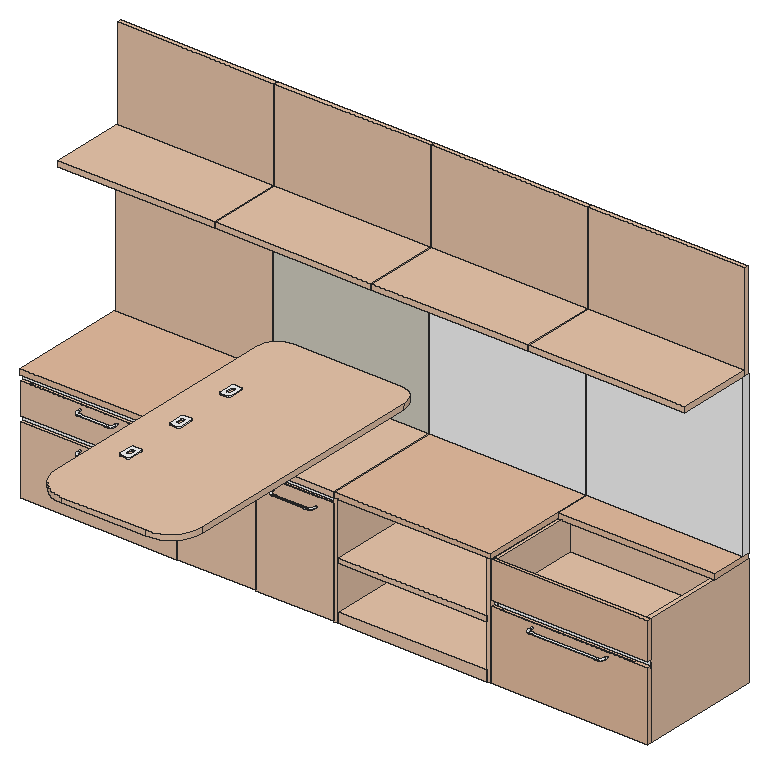
Revit family "OFS TYPICAL T100204", category Furniture, Revit 2022
Family settings
  OmniClass Number = 23.40.20.00
  OmniClass Title = General Furniture and Specialties
  Work Plane-Based = No
  Always vertical = Yes
  Cut with Voids When Loaded = No
  Render Appearance Source = Family Geometry
  Shared = No
  Room Calculation Point = No
Parameters (values of type "T100204")
  URL = "http://ofs.com/"
  Model = "T100204"
  Manufacturer = "OFS"
  Description = "OFS TYPICAL T100204"
  Default Elevation = 0' - 0"
  Copyright © = "©OFS 2024"
  Catalog = ""
  Authoring Version = "Autodesk Revit 2018"
  Assembly Code = "E2020200"
Reference planes (in)
  plane 1 "Center Front/Back": y = 0
  plane 2: z = 0
  plane 3 "Center Left/Right": x = 0
Dimensions and locks (in)
  nested 5 to nested 4 = 10' - 0"
  nested 10 to plane 1 "Center Front/Back" = 5' - 0.24836"
  nested 13 to nested 13 = 2' - 6"
  nested 13 to plane 3 "Center Left/Right" = 2' - 6"
  aligned and locked: level to plane 2
Nested families (in)
  nested 1: "OFS ADLER 30.75H Marker Board Low Height Wall Panel-AL-MB30LWP" at (15, 0, 22.75), type "30.75H Marker Board Low Height Wall Panel-AL-MB30LWP"
    with Width 2' - 6", Wall Panel OFS Materials - Markerboard- White Laminate
  nested 2: "OFS ADLER 23D Modular Low Height Pedestal Box File-AL-T23LBF" at (-45, -1, 0), type "23D Modular Low Height Pedestal Box File"
    with Width 2' - 6", Pull OFS Materials - Metal - Aluminium - Polished Dark, Glides OFS Materials - Rubber, Drawer Front OFS Materials - Hardwood - Cherry, Chassis OFS Materials - Hardwood - Cherry, Accent Rail OFS Materials - Plastic - Gloss White
  nested 3: "OFS ADLER 23D Modular Low Height Pedestal Open Shelving-AL-T23LOS" at (15, -1.75, 0), type "23D Modular Low Height Pedestal Open Shelving"
    with Width 2' - 6", Glides OFS Materials - Rubber, Chassis OFS Materials - Hardwood - Cherry
  nested 4: "OFS ADLER  24D Modular Low Height Power Tray File-AL-T24LPTF" at (45, 0, 0), type "24D Modular Low Height Power Tray File"
    with Width 2' - 6", Top OFS Materials - Hardwood - Birch, Pull OFS Materials - Metal - Aluminium - Polished Dark, Glides OFS Materials - Rubber, Drawer Front Finish OFS Materials - Hardwood - Birch, Chassis OFS Materials - Hardwood - Cherry, Accent Rail OFS Materials - Plastic - Gloss White
  nested 5: "OFS ADLER - 24D Long Grain Rectangle Worksurface - AL-T24LRWS" at (-45, 0, 0), type "24D Long Grain Rectangle Worksurface 30"
    with Top OFS Materials - Hardwood - Birch Long Grain
  nested 6: "OFS ADLER  30.75H Laminate Low Height Wall Panel-AL-T30LWP" at (-45, 0, 22.75), type "30.75H Laminate Low Height Wall Panel"
    with Width 2' - 6", Wall Panel OFS Materials - Hardwood - Cherry
  nested 7: "OFS ADLER 30.75H Upholstered Low Height Wall Panel-AL-U30LWP" at (-15, 0, 22.75), type "30.75H Upholstered Low Height Wall Panel"
    with Width 2' - 6", Wall Panel OFS Materials - Fabric -Lino
  nested 8: "OFS ADLER - 24D Long Grain Rectangle Worksurface - AL-T24LRWS" at (15, 0, 0), type "24D Long Grain Rectangle Worksurface 30"
    with Top OFS Materials - Hardwood - Birch Long Grain
  nested 9: "OFS ADLER - Cantilever Shelf (laminate) - AL-TCS" at (15, 0, 0) x (-1, 0, 0) z (0, 0, 1), type "Cantilever Shelf (laminate) - 30"
    with Chassis OFS Materials - Hardwood - Cherry
  nested 10: "OFS ADLER - 30D Height Adjustable Cantilever Desk - Left" at (-15, 0, 0), type "30D Height Adjustable Cantilever Desk Left 60W"
    with Width 2' - 0", Top Thickness 0' - 1", Top OFS Materials - Hardwood - Cherry, Right Grommet Option yes, Pulls OFS Materials - Metal - Aluminium - Polished Dark, Piston Height 2' - 3 5/16", Piston OFS Materials - Metal - Aluminium - Polished Dark, Left Grommet Option yes, Integrated Pull yes, Grommet OFS Materials - Plastic - Gloss White, Glides OFS Materials - Rubber, Doors OFS Materials - Hardwood - Cherry, Chassis OFS Materials - Hardwood - Cherry, Center Grommet Option yes, All 4 Rounded Cornder yes, Aero Pull Option yes, Accent Rail OFS Materials - Plastic - Gloss White, 2 Outside Rounded Corners no
  nested 11: "OFS ADLER - Cantilever Shelf (laminate) - AL-TCS" at (-15, 0, 0), type "Cantilever Shelf (laminate) - 30"
    with Chassis OFS Materials - Hardwood - Cherry
  nested 12: "OFS ADLER - Cantilever Shelf (laminate) - AL-TCS" at (-45, 0, 0) x (-1, 0, 0) z (0, 0, 1), type "Cantilever Shelf (laminate) - 30"
    with Chassis OFS Materials - Hardwood - Cherry
  nested 13: "OFS ADLER - Cantilever Shelf (laminate) - AL-TCS" at (45, 0, 0), type "Cantilever Shelf (laminate) - 30"
    with Chassis OFS Materials - Hardwood - Cherry
  nested 14: "OFS ADLER 30.75H Marker Board Low Height Wall Panel-AL-MB30LWP" at (45, 0, 22.75) x (-1, 0, 0) z (0, 0, 1), type "30.75H Marker Board Low Height Wall Panel-AL-MB30LWP"
    with Width 2' - 6", Wall Panel OFS Materials - Markerboard- White Laminate
Definition of nested family "OFS ADLER 30.75H Marker Board Low Height Wall Panel-AL-MB30LWP"
  Parameters (values of type "30.75H Marker Board Low Height Wall Panel-AL-MB30LWP")
    Depth = 0' - 1 1/4"
    URL = "http://ofs.com/"
    Model = "AL-MB30LWP\r\nAL-U42DWP"
    Manufacturer = "OFS"
    Wall Panel [instance] = none
    Height = 2' - 6 3/4"
    Description = "OFS ADLER 30.75H Marker Board Low Height Wall Panel"
    Width [instance] = 3' - 0"
    Default Elevation = 0' - 0"
    Copyright © = "©OFS 2025"
    Catalog = ""
    Authoring Version = "Autodesk Revit 2018"
    Assembly Code = "E2020200"
  Reference planes (in)
    plane 1 "Center Front/Back": y = 0
    plane 2: z = 0
    plane 3 "Center Left/Right": x = 0
    plane 4: x = 18
    plane 5: x = -18
    plane 6: y = -1.25
    plane 7: z = 30.75
    plane 8 "1": y = -0.625
    plane 9: z = 13.7503
  Forms (in)
    Extrusion 1, solid, material <- "Wall Panel"
      sketch origin (0, 0, 0) x (1, 0, 0) y (0, 1, 0)
        loop
          line (-18, 0) -> (-18, -1.25) -> (18, -1.25) -> (18, 0) -> (-18, 0)
      from 0 to 30.75
  Dimensions and locks (in)
    equal spacing: plane 5, plane 3 "Center Left/Right", plane 4
    "Width": plane 5 to plane 4
    "Depth": plane 6 to plane 1 "Center Front/Back"
    "Height": plane 7 to level
    equal spacing: plane 1 "Center Front/Back", plane 8 "1", plane 6
    plane 4 to plane 5 = 3' - 0"
    aligned and locked: level to plane 2
    aligned and locked: plane 1 "Center Front/Back" to Extrusion 1 sketch curve
    aligned and locked: plane 5 to Extrusion 1 sketch curve
    aligned and locked: plane 6 to Extrusion 1 sketch curve
    aligned and locked: plane 4 to Extrusion 1 sketch curve
    aligned and locked: Extrusion 1 to plane 2
    aligned and locked: plane 7 to Extrusion 1
Definition of nested family "OFS ADLER 23D Modular Low Height Pedestal Box File-AL-T23LBF"
  Parameters (values of type "23D Modular Low Height Pedestal Box File")
    Top Thickness = 0' - 1"
    Pull [instance] = none
    Drawer Front [instance] = none
    Depth = 1' - 6"
    URL = "http://ofs.com/"
    Piston Hole Width = 0' - 8 1/2"
    Piston Hole Offset From Front = 0' - 2 9/16"
    Piston Hole Depth = 0' - 10 1/2"
    Model = "AL-T23LBF"
    Manufacturer = "OFS"
    Lateral Boards Thickness = 0' - 0 3/4"
    Glides Side Offset = 0' - 1 3/4"
    Glides Front Offset = 0' - 1.19"
    Glides Back Offset = 0' - 1.81086"
    Glides [instance] = none
    Default Elevation = 0' - 0"
    Chassis [instance] = none
    Height = 1' - 10 3/4"
    Frontboard Gap = 0' - 0 3/4"
    Description = "OFS ADLER 23D Modular Low Height Pedestal Box File"
    Width [instance] = 1' - 6"
    Copyright © = "©OFS 2025"
    Catalog = ""
    Bottom Height = 0' - 0 1/2"
    Bottom Board Thickness = 0' - 0.69"
    Accent Rail [instance] = none
    Backboards Height = 1' - 0"
    Backboard-Wall Gap = 0' - 0 1/16"
    Backboard Thickness = 0' - 0 3/4"
    Authoring Version = "Autodesk Revit 2018"
    Assembly Code = "E2020200"
    Accent Rail Thickness = 0' - 0 1/16"
    Accent Rail Height = 0' - 1 1/2"
    Accent Rail Depth = 0' - 1 1/16"
  Reference planes (in)
    plane 1 "Center Front/Back": y = 0
    plane 2: z = 0
    plane 3 "Center Left/Right": x = 0
    plane 4: x = 9
    plane 5: x = -9
    plane 6: y = -23
    plane 7: z = 22.75
    plane 8: z = 0.5
    plane 9: z = 21.75
    plane 10: x = -8.25
    plane 11: x = 8.25
    plane 12 "Center L/S": y = -0.8125
    plane 13 "Center L/T": y = -0.0625
    plane 14: z = 1.19
    plane 15: z = 9.75
    plane 16: z = 13.19
    plane 17: y = -22.25
    plane 18: z = 20.25
    plane 19: y = -21.1875
    plane 20: y = -22.3125
    plane 21: y = -22.1875
    plane 22: z = 20.1875
    plane 23: z = 1.50546
    plane 24: x = 7.25
    plane 25: x = -7.25
    plane 26: y = -1.81086
    plane 27: y = -21.06
    plane 28: y = -4.0625
    plane 29: y = -9.0625
    plane 30: y = -18.0625
    plane 31: y = -23.0625
    plane 32: z = 14.70312
    plane 33: z = 13.20312
    plane 34: z = 13.14062
    plane 35: z = 21
    plane 36: y = -18.25
    plane 37: z = 5.50109
    plane 38: z = 13.7503
    plane 39: z = 12.7188
    plane 40: z = 19.74111
  Forms (in)
    Extrusion 1, solid, material <- "Chassis"
      sketch origin (0, 0, 0) x (1, 0, 0) y (0, 1, 0)
        loop
          line (-8.25, -0.8125) -> (-8.25, -22.25) -> (8.25, -22.25) -> (8.25, -0.8125) -> (-8.25, -0.8125)
      from 0.5 to 1.19
    Extrusion 2, solid, material <- "Chassis"
      sketch origin (0, 0, 0) x (1, 0, 0) y (0, 1, 0)
        loop
          line (-9, 0) -> (-9, -22.25) -> (-8.25, -22.25) -> (-8.25, 0) -> (-9, 0)
      from 0.5 to 21.75
    Extrusion 3, solid, material <- "Chassis"
      sketch origin (0, 0, 0) x (-1, 0, 0) y (0, -1, 0)
        loop
          line (-9, 0) -> (-8.25, 0) -> (-8.25, 22.25) -> (-9, 22.25) -> (-9, 0)
      from 0.5 to 21.75
    Extrusion 4, solid, material <- "Accent Rail"
      sketch origin (0, 0, 0) x (0, 1, 0) y (0, 0, 1)
        loop
          line (-22.18557, 20.1875) -> (-21.25, 20.1875) -> (-21.25, 20.25) -> (-22.18783, 20.25)
          arc (-22.18783, 20.25) -> (-22.23179, 20.26821) -> (-22.25, 20.31217) r 0.06217
          line (-22.25, 20.31217) -> (-22.25, 21.75) -> (-22.3125, 21.75) -> (-22.3125, 20.31443)
          arc (-22.3125, 20.31443) -> (-22.27532, 20.22468) -> (-22.18557, 20.1875) r 0.12693
      from -9 to 9
    Extrusion 5, solid, material <- "Chassis"
      sketch origin (0, 0, 0) x (1, 0, 0) y (0, 1, 0)
        loop
          line (-8.25, -0.0625) -> (-8.25, -0.8125) -> (8.25, -0.8125) -> (8.25, -0.0625) -> (-8.25, -0.0625)
      from 1.19 to 13.19
    Extrusion 6, void
      sketch origin (0, 0, 0) x (1, 0, 0) y (0, 0, 1)
        loop
          line (7.75, 20.1875) -> (9, 20.1875) -> (9, 20.45312)
          arc (9, 20.45312) -> (8.96339, 20.36474) -> (8.875, 20.32812) r 0.125
          line (8.875, 20.32812) -> (7.75, 20.32812) -> (7.75, 20.1875)
        loop
          line (9, 21.75) -> (8.875, 21.75)
          arc (8.875, 21.75) -> (8.96339, 21.71339) -> (9, 21.625) r 0.125
          line (9, 21.625) -> (9, 21.75)
        loop
          line (-7.75, 20.1875) -> (-7.75, 20.32813) -> (-8.875, 20.32813)
          arc (-8.875, 20.32813) -> (-8.96339, 20.36474) -> (-9, 20.45313) r 0.125
          line (-9, 20.45313) -> (-9, 20.1875) -> (-7.75, 20.1875)
        loop
          line (-9, 21.75) -> (-9, 21.625)
          arc (-9, 21.625) -> (-8.96339, 21.71339) -> (-8.875, 21.75) r 0.125
          line (-8.875, 21.75) -> (-9, 21.75)
      from 21.1875 to 23
    Extrusion 7, solid, material <- "Accent Rail"
      sketch origin (0, 0, -7.04688) x (0, 1, 0) y (0, 0, 1)
        loop
          line (-22.18557, 20.1875) -> (-21.25, 20.1875) -> (-21.25, 20.25) -> (-22.18783, 20.25)
          arc (-22.18783, 20.25) -> (-22.23179, 20.26821) -> (-22.25, 20.31217) r 0.06217
          line (-22.25, 20.31217) -> (-22.25, 21.75) -> (-22.3125, 21.75) -> (-22.3125, 20.31443)
          arc (-22.3125, 20.31443) -> (-22.27532, 20.22468) -> (-22.18557, 20.1875) r 0.12693
      from -9 to 9
    Extrusion 8, void
      sketch origin (0, 0, -7.04688) x (1, 0, 0) y (0, 0, 1)
        loop
          line (7.75, 20.1875) -> (9, 20.1875) -> (9, 20.45312)
          arc (9, 20.45312) -> (8.96339, 20.36474) -> (8.875, 20.32812) r 0.125
          line (8.875, 20.32812) -> (7.75, 20.32812) -> (7.75, 20.1875)
        loop
          line (9, 21.75) -> (8.875, 21.75)
          arc (8.875, 21.75) -> (8.96339, 21.71339) -> (9, 21.625) r 0.125
          line (9, 21.625) -> (9, 21.75)
        loop
          line (-7.75, 20.1875) -> (-7.75, 20.32813) -> (-8.875, 20.32813)
          arc (-8.875, 20.32813) -> (-8.96339, 20.36474) -> (-9, 20.45313) r 0.125
          line (-9, 20.45313) -> (-9, 20.1875) -> (-7.75, 20.1875)
        loop
          line (-9, 21.75) -> (-9, 21.625)
          arc (-9, 21.625) -> (-8.96339, 21.71339) -> (-8.875, 21.75) r 0.125
          line (-8.875, 21.75) -> (-9, 21.75)
      from 21.1875 to 24
    Extrusion 9, solid, material <- "Chassis"
      sketch origin (0, 0, 0) x (0, 1, 0) y (0, 0, 1)
        loop
          line (-4.0625, 21.75) -> (-9.0625, 21.75) -> (-9.0625, 21) -> (-4.0625, 21) -> (-4.0625, 21.75)
      from -8.25 to 8.25
    Extrusion 10, solid, material <- "Chassis"
      sketch origin (0, 0, 0) x (0, 1, 0) y (0, 0, 1)
        loop
          line (-18.25, 14.70312) -> (-22.1875, 14.70312) -> (-22.1875, 13.20313) -> (-18.25, 13.20313) -> (-18.25, 14.70312)
      from -8.25 to 8.25
    Extrusion 11, solid, material <- "Chassis"
      sketch origin (0, 0, 0) x (0, 1, 0) y (0, 0, 1)
        loop
          line (-18.25, 21.75) -> (-22.1875, 21.75) -> (-22.1875, 20.25) -> (-18.25, 20.25) -> (-18.25, 21.75)
      from -8.25 to 8.25
    Extrusion 12, solid, material <- "Drawer Front"
      sketch origin (0, 0, 0) x (1, 0, 0) y (0, 0, 1)
        loop
          line (-8.94, 13.71871) -> (-8.94, 0.625) -> (8.94, 0.625) -> (8.94, 13.71871) -> (-8.94, 13.71871)
      from 22.3125 to 23
    Extrusion 13, solid, material <- "Drawer Front"
      sketch origin (0, 0, 0) x (1, 0, 0) y (0, 0, 1)
        loop
          line (-8.94, 20.76554) -> (-8.94, 14.76312) -> (8.94, 14.76312) -> (8.94, 20.76554) -> (-8.94, 20.76554)
      from 22.3125 to 23
  Cuts and joins
    Extrusion 6, Extrusion 8 cuts Extrusion 4
    Extrusion 8 cuts Extrusion 7
  Dimensions and locks (in)
    equal spacing: plane 5, plane 3 "Center Left/Right", plane 4
    "Width": plane 5 to plane 4
    plane 6 to plane 1 "Center Front/Back" = 1' - 11"
    "Height": plane 7 to level
    "Bottom Height": plane 8 to level
    "Top Thickness": plane 7 to plane 9
    "Lateral Boards Thickness": plane 10 to plane 5
    "Lateral Boards Thickness": plane 11 to plane 4
    "Backboard-Wall Gap": plane 1 "Center Front/Back" to plane 13 "Center L/T"
    "Backboard Thickness": plane 13 "Center L/T" to plane 12 "Center L/S"
    "Bottom Board Thickness": plane 14 to plane 8
    "Backboards Height": plane 9 to plane 15
    "Backboards Height": plane 16 to plane 14
    "Frontboard Gap": plane 17 to plane 6
    "Accent Rail Height": plane 9 to plane 18
    "Accent Rail Depth": plane 19 to plane 17
    "Accent Rail Thickness": plane 17 to plane 20
    "Accent Rail Thickness": plane 21 to plane 17
    "Accent Rail Thickness": plane 18 to plane 22
    locked: plane 23 to plane 14 at 0.31546
    "Glides Side Offset": plane 24 to plane 4
    "Glides Side Offset": plane 25 to plane 5
    "Glides Back Offset": plane 26 to plane 1 "Center Front/Back"
    "Glides Front Offset": plane 17 to plane 27
    plane 32 to plane 33 to plane 34 = 0' - 1 1/2" locked, 0' - 0 1/16" locked
    locked: plane 9 to plane 35 at 0.75
    plane 32 to plane 33 = 0' - 1 1/2"
    Extrusion 12 sketch curve to plane 5 = 0' - 0.06"
    Extrusion 12 sketch curve to plane 4 = 0' - 0.06"
    plane 35 to Extrusion 13 sketch curve = 0' - 0.23446"
    Extrusion 13 sketch curve to plane 4 = 0' - 0.06"
    Extrusion 13 sketch curve to plane 5 = 0' - 0.06"
    locked: Extrusion 13 sketch curve to plane 32 at 0.06
    aligned and locked: level to plane 2
    aligned and locked: plane 10 to Extrusion 1 sketch curve
    aligned and locked: plane 11 to Extrusion 1 sketch curve
    aligned and locked: plane 12 "Center L/S" to Extrusion 1 sketch curve
    aligned and locked: plane 17 to Extrusion 1
    aligned and locked: Extrusion 2 sketch curve to plane 17
    aligned and locked: Extrusion 2 sketch curve to plane 10
    aligned and locked: plane 5 to Extrusion 2 sketch curve
    aligned and locked: plane 1 "Center Front/Back" to Extrusion 2 sketch curve
    aligned and locked: Extrusion 2 to plane 8
    aligned and locked: plane 9 to Extrusion 2
    aligned and locked: plane 9 to Extrusion 3
    aligned and locked: plane 11 to Extrusion 3
    aligned and locked: Extrusion 3 to plane 4
    aligned and locked: Extrusion 3 to plane 8
    aligned and locked: Extrusion 3 to plane 1 "Center Front/Back"
    aligned and locked: plane 17 to Extrusion 3
    aligned and locked: plane 18 to Extrusion 4
    aligned and locked: Extrusion 4 to plane 22
    aligned and locked: plane 20 to Extrusion 4
    aligned and locked: Extrusion 4 to plane 17
    aligned and locked: Extrusion 4 to plane 4
    aligned and locked: Extrusion 4 to plane 5
    aligned and locked: plane 13 "Center L/T" to Extrusion 5 sketch curve
    aligned and locked: Extrusion 5 sketch curve to plane 12 "Center L/S"
    aligned and locked: plane 11 to Extrusion 5 sketch curve
    aligned and locked: plane 10 to Extrusion 5 sketch curve
    aligned and locked: Extrusion 5 to plane 14
    aligned and locked: plane 14 to Extrusion 1
    aligned and locked: Extrusion 6 to plane 6
    aligned and locked: Extrusion 6 to plane 19
    aligned and locked: plane 27 to nested 4
    aligned and locked: nested 3 to plane 27
    aligned and locked: nested 4 to plane 24
    aligned and locked: plane 25 to nested 1
    aligned and locked: plane 25 to nested 3
    aligned and locked: plane 32 to cut or joined group of Extrusion 7, Extrusion 8
    aligned and locked: cut or joined group of Extrusion 7, Extrusion 8 to plane 34
    aligned and locked: plane 26 to nested 2
    aligned and locked: nested 2 to plane 24
    aligned and locked: nested 1 to plane 26
    aligned and locked: plane 9 to Extrusion 9 sketch curve
    aligned and locked: plane 28 to Extrusion 9 sketch curve
    aligned and locked: Extrusion 9 sketch curve to plane 35
    aligned and locked: Extrusion 9 sketch curve to plane 29
    aligned and locked: Extrusion 9 to plane 11
    aligned and locked: Extrusion 9 to plane 10
    aligned and locked: plane 32 to Extrusion 10 sketch curve
    aligned and locked: Extrusion 10 sketch curve to plane 36
    aligned and locked: plane 9 to Extrusion 11 sketch curve
    aligned and locked: Extrusion 11 sketch curve to plane 36
    aligned and locked: Extrusion 11 to plane 10
    aligned and locked: Extrusion 11 to plane 11
    aligned and locked: cut or joined group of Extrusion 7, Extrusion 8 to plane 5
    aligned and locked: cut or joined group of Extrusion 7, Extrusion 8 to plane 4
    aligned and locked: plane 19 to Extrusion 8
    aligned and locked: Extrusion 10 to plane 10
    aligned and locked: Extrusion 10 to plane 11
    aligned and locked: Extrusion 12 to plane 6
    aligned and locked: Extrusion 12 to plane 20
    aligned and locked: Extrusion 13 to plane 6
    aligned and locked: Extrusion 13 to plane 20
    aligned and locked: nested 5 to plane 6
    aligned and locked: plane 39 to nested 5
    aligned and locked: plane 40 to nested 6
    aligned and locked: plane 3 "Center Left/Right" to nested 6
    aligned and locked: plane 16 to Extrusion 5
  Automatic sketch dimensions
    plane 17 to Extrusion 1 sketch curve = 0' - 0"
    Extrusion 3 sketch curve to plane 4 = 0' - 0"
    Extrusion 3 sketch curve to plane 11 = 0' - 0"
    plane 17 to Extrusion 3 sketch curve = 0' - 0"
    plane 1 "Center Front/Back" to Extrusion 3 sketch curve = 0' - 0"
    Extrusion 4 sketch curve to plane 20 = 0' - 0"
    Extrusion 4 sketch curve to plane 9 = 0' - 0"
    Extrusion 4 sketch curve to plane 17 = 0' - 0"
    Extrusion 4 sketch curve to plane 18 = 0' - 0"
    Extrusion 4 sketch curve to plane 22 = 0' - 0"
    plane 21 to Extrusion 4 sketch curve = 0' - 0.00033"
    Extrusion 4 sketch curve to plane 21 = 0' - 0.00193"
    plane 19 to Extrusion 4 sketch curve = 0' - 0 1/16"
    Extrusion 6 sketch curve to plane 5 = 0' - 0"  (x4)
    Extrusion 6 sketch curve to plane 9 = 0' - 0"  (x2)
    Extrusion 6 sketch curve to plane 22 = 0' - 0"  (x2)
    plane 4 to Extrusion 6 sketch curve = 0' - 0"  (x4)
    plane 5 to Extrusion 6 sketch curve = 0' - 0 1/8"  (x2)
    plane 10 to Extrusion 6 sketch curve = 0' - 0 1/2"
    plane 11 to Extrusion 6 sketch curve = 0' - 0 1/2"
    Extrusion 6 sketch curve to Extrusion 6 sketch curve = 0' - 0 1/8"
    plane 18 to Extrusion 6 sketch curve = 0' - 0 5/64"  (x2)
    plane 4 to Extrusion 6 sketch curve = 0' - 0 1/8"
    Extrusion 6 sketch curve to Extrusion 6 sketch curve = 0' - 0"  (x4)
    Extrusion 7 sketch curve to plane 20 = 0' - 0"
    Extrusion 7 sketch curve to plane 17 = 0' - 0"
    Extrusion 7 sketch curve to plane 33 = 0' - 0"
    Extrusion 7 sketch curve to plane 34 = 0' - 0"
    Extrusion 7 sketch curve to plane 32 = 0' - 0"
    plane 21 to Extrusion 7 sketch curve = 0' - 0.00033"
    Extrusion 7 sketch curve to plane 21 = 0' - 0.00193"
    plane 19 to Extrusion 7 sketch curve = 0' - 0 1/16"
    Extrusion 8 sketch curve to plane 5 = 0' - 0"  (x4)
    Extrusion 8 sketch curve to plane 32 = 0' - 0"  (x2)
    Extrusion 8 sketch curve to plane 34 = 0' - 0"  (x2)
    plane 4 to Extrusion 8 sketch curve = 0' - 0"  (x4)
    plane 5 to Extrusion 8 sketch curve = 0' - 0 1/8"  (x2)
    plane 10 to Extrusion 8 sketch curve = 0' - 0 1/2"
    plane 11 to Extrusion 8 sketch curve = 0' - 0 1/2"
    Extrusion 8 sketch curve to Extrusion 8 sketch curve = 0' - 0 1/8"
    plane 33 to Extrusion 8 sketch curve = 0' - 0 5/64"  (x2)
    plane 4 to Extrusion 8 sketch curve = 0' - 0 1/8"
    Extrusion 8 sketch curve to Extrusion 8 sketch curve = 0' - 0"  (x4)
    Extrusion 11 sketch curve to plane 21 = 0' - 0"
    Extrusion 11 sketch curve to plane 18 = 0' - 0"
    plane 33 to Extrusion 10 sketch curve = 0' - 0"
    Extrusion 10 sketch curve to plane 21 = 0' - 0"
    plane 8 to Extrusion 12 sketch curve = 0' - 0 1/8"
    Extrusion 12 sketch curve to plane 38 = 0' - 0.03159"
  Nested families (in)
    nested 1: "Glides" at (-7.25, -1.81086, 0), Material <- "Glides", type "Glides"
      with Material none
    nested 2: "Glides" at (7.25, -1.81086, 0) x (-1, 0, 0) z (0, 0, 1), Material <- "Glides", type "Glides"
      with Material none
    nested 3: "Glides" at (-7.25, -21.06, 0), Material <- "Glides", type "Glides"
      with Material none
    nested 4: "Glides" at (7.25, -21.06, 0) x (-1, 0, 0) z (0, 0, 1), Material <- "Glides", type "Glides"
      with Material none
    nested 5: "PULL" at (0, -23, 1.61788), Pull <- "Pull", type "PULL"
      with Pull none, Material none
    nested 6: "PULL" at (0, -23, 8.6402), Pull <- "Pull", type "PULL"
      with Pull none, Material none
  Definition of nested family "Glides"
    Parameters (values of type "Family1")
      Material [instance] = none
      Default Elevation = 0' - 0"
    Reference planes (in)
      plane 1 "Center (Front/Back)": y = 0
      plane 2: z = 0
      plane 3 "Center (Left/Right)": x = 0
    Forms (in)
      Revolve 1, solid, material <- "Material"
        sketch origin (-13.25, 0, 0) x (-1, 0, 0) y (0, 0, -1)
          loop
            line (-13.25, -0.5) -> (-13.25, 0) -> (-13.47776, 0)
            arc (-13.47776, 0) -> (-13.62298, -0.11756) -> (-13.53824, -0.28409) r 0.14848
            line (-13.53824, -0.28409) -> (-13.53824, -0.45) -> (-13.37499, -0.45) -> (-13.37499, -0.5) -> (-13.25, -0.5)
          axis (-13.25, 0) -> (-13.25, -0.5)
        angle from 0 to 360
    Dimensions and locks (in)
      aligned and locked: plane 2 to level
  Definition of nested family "PULL"
    Parameters (values of type "PULL")
      Pull [instance] = none
      Material [instance] = none
      Default Elevation = 0' - 0"
    Reference planes (in)
      plane 1 "Center (Front/Back)": y = 0
      plane 2: z = 0
      plane 3 "Center (Left/Right)": x = 0
      plane 4: x = 3.65921
      plane 5: x = -3.65921
      plane 6: z = 11.10091
    Forms (in)
      Sweep 1, solid, material <- "Pull"
        path origin (0.00246, 35, 11.10091) x (0, 1, 0) y (-1, 0, 0)
          loop
            line (-35, 3.50625) -> (-35.62499, 3.50625)
            arc (-35.62499, 3.50625) -> (-36.15973, 3.28475) -> (-36.38122, 2.75002) r 0.75623
            line (-36.38122, 2.75002) -> (-36.38122, -2.74998)
            arc (-36.38122, -2.74998) -> (-36.15972, -3.28474) -> (-35.62496, -3.50625) r 0.75627
            line (-35.62496, -3.50625) -> (-35, -3.50625)
        profile origin (3.50871, -0.31248, 11.10091) x (-1, 0, 0) y (0, 0, 1)
          loop
            circle (0, 0) r 0.15542
    Dimensions and locks (in)
      equal spacing: plane 5, plane 3 "Center (Left/Right)", plane 4
      plane 5 to plane 4 = 0' - 7.31841"
      aligned and locked: plane 2 to level
      aligned and locked: plane 1 "Center (Front/Back)" to Sweep 1
    Automatic sketch dimensions
      plane 5 to Sweep 1 sketch curve = 0' - 0.91166"
      plane 1 "Center (Front/Back)" to Sweep 1 sketch curve = 0' - 1.38122"
      Sweep 1 sketch curve to Sweep 1 sketch curve = 0' - 0.75623"
      Sweep 1 sketch curve to Sweep 1 sketch curve = 0' - 0.75627"
      Sweep 1 sketch curve to plane 4 = 0' - 0.90676"
      Sweep 1 sketch curve to Sweep 1 sketch curve = 0' - 0 5/8"
      Sweep 1 sketch curve to Sweep 1 sketch curve = 0' - 0.62496"
      Sweep 1 sketch curve to profile plane = 0' - 0"  (x2)
      radius of Sweep 1 sketch curve = 0' - 0.15542"
Definition of nested family "OFS ADLER 23D Modular Low Height Pedestal Open Shelving-AL-T23LOS"
  Parameters (values of type "23D Modular Low Height Pedestal Open Shelving")
    Depth = 1' - 6"
    URL = "http://ofs.com/"
    Piston Hole Width = 0' - 8 1/2"
    Piston Hole Offset From Front = 0' - 2 9/16"
    Piston Hole Depth = 0' - 10 1/2"
    Model = "AL-T23LOS"
    Manufacturer = "OFS"
    Lateral Boards Thickness = 0' - 0 3/4"
    Glides Side Offset = 0' - 1 3/4"
    Glides Front Offset = 0' - 1.19"
    Glides Back Offset = 0' - 1.81086"
    Glides [instance] = none
    Default Elevation = 0' - 0"
    Chassis [instance] = none
    Height = 1' - 10 3/4"
    Frontboard Gap = 0' - 0 3/4"
    Description = "OFS ADLER 23D Modular Low Height Pedestal Open Shelving"
    Width [instance] = 1' - 6"
    Copyright © = "©OFS 2025"
    Catalog = ""
    Bottom Height = 0' - 0 1/2"
    Bottom Board Thickness = 0' - 0.69"
    Backboards Height = 0' - 5"
    Backboard-Wall Gap = 0' - 0 1/16"
    Backboard Thickness = 0' - 0 3/4"
    Authoring Version = "Autodesk Revit 2018"
    Assembly Code = "E2020200"
    Accent Rail Thickness = 0' - 7 23/32"
    Accent Rail Height = 0' - 9 31/32"
    Accent Rail Depth = 0' - 1 1/16"
  Reference planes (in)
    plane 1 "Center Front/Back": y = 0
    plane 2: z = 0
    plane 3 "Center Left/Right": x = 0
    plane 4: x = 9
    plane 5: x = -9
    plane 6: y = -23
    plane 7: z = 22.75
    plane 8: z = 0.5
    plane 9: z = 21.75
    plane 10: x = -8.25
    plane 11: x = 8.25
    plane 12 "Center L/S": y = -0.8125
    plane 13 "Center L/T": y = -0.0625
    plane 14: z = 1.19
    plane 15: y = -22.25
    plane 16: z = 11.78125
    plane 17: y = -21.1875
    plane 18: y = -29.96875
    plane 19: y = -14.53125
    plane 20: z = 19.5
    plane 21: z = 2.4625
    plane 22: x = 7.25
    plane 23: x = -7.25
    plane 24: y = -1.81086
    plane 25: y = -21.06
    plane 26: y = -4.0625
    plane 27: y = -9.0625
    plane 28: y = -18.0625
    plane 29: y = -23.0625
    plane 30: z = 21
    plane 31: y = -18.25
    plane 32: z = 13.7503
    plane 33: y = -2.8125
    plane 34: y = -3.5625
    plane 35: y = -19.25
    plane 36: y = -14.25
    plane 37: z = 10.78125
  Forms (in)
    Extrusion 1, solid, material <- "Chassis"
      sketch origin (0, 0, 0) x (1, 0, 0) y (0, 1, 0)
        loop
          line (-8.25, -0.8125) -> (-8.25, -22.25) -> (8.25, -22.25) -> (8.25, -0.8125) -> (-8.25, -0.8125)
      from 0.5 to 2.4625
    Extrusion 2, solid, material <- "Chassis"
      sketch origin (0, 0, 0) x (1, 0, 0) y (0, 1, 0)
        loop
          line (-9, 0) -> (-9, -22.25) -> (-8.25, -22.25) -> (-8.25, 0) -> (-9, 0)
      from 0.5 to 21.75
    Extrusion 3, solid, material <- "Chassis"
      sketch origin (0, 0, 0) x (-1, 0, 0) y (0, -1, 0)
        loop
          line (-9, 0) -> (-8.25, 0) -> (-8.25, 22.25) -> (-9, 22.25) -> (-9, 0)
      from 0.5 to 21.75
    Extrusion 4, solid, material <- "Chassis"
      sketch origin (0, 0, 0) x (1, 0, 0) y (0, 1, 0)
        loop
          line (-8.25, -0.0625) -> (-8.25, -0.8125) -> (8.25, -0.8125) -> (8.25, -0.0625) -> (-8.25, -0.0625)
      from 0.5 to 13.75
    Extrusion 5, solid, material <- "Chassis"
      sketch origin (0, 0, 0) x (0, 1, 0) y (0, 0, 1)
        loop
          line (-4.0625, 21.75) -> (-9.0625, 21.75) -> (-9.0625, 21) -> (-4.0625, 21) -> (-4.0625, 21.75)
      from -8.25 to 8.25
    Extrusion 6, solid, material <- "Chassis"
      sketch origin (0, 0, 0) x (1, 0, 0) y (0, 1, 0)
        loop
          line (-8.25, -3.5625) -> (8.25, -3.5625) -> (8.25, -2.8125) -> (-8.25, -2.8125) -> (-8.25, -3.5625)
      from 2.4625 to 19.5
    Extrusion 7, solid, material <- "Chassis"
      sketch origin (0, 0, 0) x (1, 0, 0) y (0, 0, 1)
        loop
          line (-8.25, 10.78125) -> (8.25, 10.78125) -> (8.25, 11.78125) -> (-8.25, 11.78125) -> (-8.25, 10.78125)
      from 3.5625 to 22.25
    Extrusion 8, solid, material <- "Chassis"
      sketch origin (0, 0, 0) x (1, 0, 0) y (0, 1, 0)
        loop
          line (-8.25, -14.25) -> (-8.25, -19.25) -> (8.25, -19.25) -> (8.25, -14.25) -> (-8.25, -14.25)
      from 21.75 to 21
  Dimensions and locks (in)
    equal spacing: plane 5, plane 3 "Center Left/Right", plane 4
    "Width": plane 5 to plane 4
    plane 6 to plane 1 "Center Front/Back" = 1' - 11"
    "Height": plane 7 to level
    "Bottom Height": plane 8 to level
    plane 7 to plane 9 = 0' - 1"
    "Lateral Boards Thickness": plane 10 to plane 5
    "Lateral Boards Thickness": plane 11 to plane 4
    "Backboard-Wall Gap": plane 1 "Center Front/Back" to plane 13 "Center L/T"
    "Backboard Thickness": plane 13 "Center L/T" to plane 12 "Center L/S"
    "Frontboard Gap": plane 15 to plane 6
    "Accent Rail Height": plane 9 to plane 16
    "Accent Rail Depth": plane 17 to plane 15
    "Accent Rail Thickness": plane 15 to plane 18
    "Accent Rail Thickness": plane 19 to plane 15
    "Accent Rail Thickness": plane 20 to plane 16
    "Glides Side Offset": plane 22 to plane 4
    "Glides Side Offset": plane 23 to plane 5
    "Glides Back Offset": plane 24 to plane 1 "Center Front/Back"
    "Glides Front Offset": plane 15 to plane 25
    locked: plane 9 to plane 30 at 0.75
    aligned and locked: level to plane 2
    aligned and locked: plane 10 to Extrusion 1 sketch curve
    aligned and locked: plane 11 to Extrusion 1 sketch curve
    aligned and locked: plane 12 "Center L/S" to Extrusion 1 sketch curve
    aligned and locked: plane 15 to Extrusion 1
    aligned and locked: Extrusion 2 sketch curve to plane 15
    aligned and locked: Extrusion 2 sketch curve to plane 10
    aligned and locked: plane 5 to Extrusion 2 sketch curve
    aligned and locked: plane 1 "Center Front/Back" to Extrusion 2 sketch curve
    aligned and locked: Extrusion 2 to plane 8
    aligned and locked: plane 9 to Extrusion 2
    aligned and locked: plane 9 to Extrusion 3
    aligned and locked: plane 11 to Extrusion 3
    aligned and locked: Extrusion 3 to plane 4
    aligned and locked: Extrusion 3 to plane 8
    aligned and locked: Extrusion 3 to plane 1 "Center Front/Back"
    aligned and locked: plane 15 to Extrusion 3
    aligned and locked: plane 13 "Center L/T" to Extrusion 4 sketch curve
    aligned and locked: Extrusion 4 sketch curve to plane 12 "Center L/S"
    aligned and locked: plane 11 to Extrusion 4 sketch curve
    aligned and locked: plane 10 to Extrusion 4 sketch curve
    aligned and locked: plane 25 to nested 4
    aligned and locked: nested 3 to plane 25
    aligned and locked: nested 4 to plane 22
    aligned and locked: plane 23 to nested 1
    aligned and locked: plane 23 to nested 3
    aligned and locked: plane 24 to nested 2
    aligned and locked: nested 2 to plane 22
    aligned and locked: nested 1 to plane 24
    aligned and locked: plane 9 to Extrusion 5 sketch curve
    aligned and locked: plane 26 to Extrusion 5 sketch curve
    aligned and locked: Extrusion 5 sketch curve to plane 30
    aligned and locked: Extrusion 5 sketch curve to plane 27
    aligned and locked: Extrusion 5 to plane 11
    aligned and locked: Extrusion 5 to plane 10
    aligned and locked: plane 21 to Extrusion 1
    aligned and locked: Extrusion 4 to plane 8
    aligned and locked: Extrusion 6 sketch curve to Extrusion 5
    aligned and locked: plane 33 to Extrusion 6 sketch curve
    aligned and locked: Extrusion 6 sketch curve to plane 11
    aligned and locked: Extrusion 6 to Extrusion 1
    aligned and locked: Extrusion 6 sketch curve to plane 34
    aligned and locked: plane 20 to Extrusion 6
    aligned and locked: Extrusion 7 sketch curve to plane 37
    aligned and locked: Extrusion 7 sketch curve to plane 10
    aligned and locked: plane 16 to Extrusion 7 sketch curve
    aligned and locked: Extrusion 7 sketch curve to plane 11
    aligned and locked: Extrusion 7 to Extrusion 1
    aligned and locked: Extrusion 7 to Extrusion 6
    aligned and locked: plane 36 to Extrusion 8 sketch curve
    aligned and locked: Extrusion 8 sketch curve to plane 10
    aligned and locked: Extrusion 8 sketch curve to plane 11
    aligned and locked: plane 35 to Extrusion 8 sketch curve
    aligned and locked: Extrusion 8 to plane 30
    aligned and locked: plane 9 to Extrusion 8
  Automatic sketch dimensions
    plane 15 to Extrusion 1 sketch curve = 0' - 0"
    Extrusion 3 sketch curve to plane 4 = 0' - 0"
    Extrusion 3 sketch curve to plane 11 = 0' - 0"
    plane 15 to Extrusion 3 sketch curve = 0' - 0"
    plane 1 "Center Front/Back" to Extrusion 3 sketch curve = 0' - 0"
  Nested families (in)
    nested 1: "Glides" at (-7.25, -1.81086, 0), Material <- "Glides", type "Glides"
      with Material none
    nested 2: "Glides" at (7.25, -1.81086, 0) x (-1, 0, 0) z (0, 0, 1), Material <- "Glides", type "Glides"
      with Material none
    nested 3: "Glides" at (-7.25, -21.06, 0), Material <- "Glides", type "Glides"
      with Material none
    nested 4: "Glides" at (7.25, -21.06, 0) x (-1, 0, 0) z (0, 0, 1), Material <- "Glides", type "Glides"
      with Material none
  Definition of nested family "Glides"
    Parameters (values of type "Family1")
      Material [instance] = none
      Default Elevation = 0' - 0"
    Reference planes (in)
      plane 1 "Center (Front/Back)": y = 0
      plane 2: z = 0
      plane 3 "Center (Left/Right)": x = 0
    Forms (in)
      Revolve 1, solid, material <- "Material"
        sketch origin (-13.25, 0, 0) x (-1, 0, 0) y (0, 0, -1)
          loop
            line (-13.25, -0.5) -> (-13.25, 0) -> (-13.47776, 0)
            arc (-13.47776, 0) -> (-13.62298, -0.11756) -> (-13.53824, -0.28409) r 0.14848
            line (-13.53824, -0.28409) -> (-13.53824, -0.45) -> (-13.37499, -0.45) -> (-13.37499, -0.5) -> (-13.25, -0.5)
          axis (-13.25, 0) -> (-13.25, -0.5)
        angle from 0 to 360
    Dimensions and locks (in)
      aligned and locked: plane 2 to level
Definition of nested family "OFS ADLER  24D Modular Low Height Power Tray File-AL-T24LPTF"
  Parameters (values of type "24D Modular Low Height Power Tray File")
    Top Thickness = 0' - 1"
    Drawer Front Finish [instance] = none
    Depth = 2' - 0"
    URL = "http://ofs.com/"
    Top [instance] = none
    Piston Hole Width = 0' - 8 1/2"
    Piston Hole Offset From Front = 0' - 2 9/16"
    Piston Hole Depth = 0' - 10 1/2"
    Pull [instance] = none
    Model = "AL-T24LPTF"
    Manufacturer = "OFS"
    Lateral Boards Thickness = 0' - 0 3/4"
    Glides Side Offset = 0' - 1 3/4"
    Glides Front Offset = 0' - 1.19"
    Glides Back Offset = 0' - 1.81086"
    Glides [instance] = none
    Default Elevation = 0' - 0"
    Chassis [instance] = none
    Height = 1' - 10 3/4"
    Frontboard Gap = 0' - 0 3/4"
    Description = "OFS ADLER  24D Modular Low Height Power Tray File"
    Width [instance] = 2' - 0"
    Copyright © = "©OFS 2025"
    Catalog = ""
    Bottom Height = 0' - 0 1/2"
    Bottom Board Thickness = 0' - 0.69"
    Accent Rail [instance] = none
    Backboards Height = 0' - 5"
    Backboard-Wall Gap = 0' - 0 1/16"
    Backboard Thickness = 0' - 0 3/4"
    Authoring Version = "Autodesk Revit 2018"
    Assembly Code = "E2020200"
    Accent Rail Thickness = 0' - 0 1/16"
    Accent Rail Height = 0' - 1 1/2"
    Accent Rail Depth = 0' - 1 1/16"
  Reference planes (in)
    plane 1 "Center Front/Back": y = 0
    plane 2: z = 0
    plane 3 "Center Left/Right": x = 0
    plane 4: x = 12
    plane 5: x = -12
    plane 6: y = -24
    plane 7: z = 23.75
    plane 8: z = 0.5
    plane 9: z = 22.75
    plane 10: x = -11.25
    plane 11: x = 11.25
    plane 12 "Center L/S": y = -0.8125
    plane 13 "Center L/T": y = -0.0625
    plane 14: z = 1.19
    plane 15: z = 17.75
    plane 16: z = 6.19
    plane 17: y = -23.25
    plane 18: y = -22.1875
    plane 19: y = -23.3125
    plane 20: y = -23.1875
    plane 21: z = 1.50546
    plane 22: z = 27.3125
    plane 23: z = 27.06447
    plane 24: x = 10.25
    plane 25: x = -10.25
    plane 26: y = -1.81086
    plane 27: y = -22.06
    plane 28: y = -5.31243
    plane 29: y = -6.06243
    plane 30: y = -19.0625
    plane 31: y = -23.0625
    plane 32: z = 14.70312
    plane 33: z = 13.20312
    plane 34: z = 13.14062
    plane 35: y = -19.25
    plane 36: z = 5.50109
    plane 37: z = 13.7503
    plane 38 "ry": z = 21.75
    plane 39: z = 21.77252
    plane 40 "1": z = 12.7188
    plane 41: y = -8.12493
    plane 42: z = 14.03125
    plane 43: z = 15.46875
    plane 44 "4": x = 7.155
    plane 45 "5": x = -7.155
  Forms (in)
    Extrusion 1, solid, material <- "Chassis"
      sketch origin (0, 0, 0) x (1, 0, 0) y (0, 1, 0)
        loop
          line (-11.25, -0.8125) -> (-11.25, -23.25) -> (11.25, -23.25) -> (11.25, -0.8125) -> (-11.25, -0.8125)
      from 0.5 to 1.19
    Extrusion 2, solid, material <- "Chassis"
      sketch origin (0, 0, 0) x (1, 0, 0) y (0, 1, 0)
        loop
          line (-12, 0) -> (-12, -23.25) -> (-11.25, -23.25) -> (-11.25, 0) -> (-12, 0)
      from 0.5 to 21.75
    Extrusion 3, solid, material <- "Chassis"
      sketch origin (0, 0, 0) x (-1, 0, 0) y (0, -1, 0)
        loop
          line (-12, 0) -> (-11.25, 0) -> (-11.25, 23.25) -> (-12, 23.25) -> (-12, 0)
      from 0.5 to 21.75
    Extrusion 4, solid, material <- "Chassis"
      sketch origin (0, 0, 0) x (1, 0, 0) y (0, 1, 0)
        loop
          line (-11.25, -0.0625) -> (-11.25, -0.8125) -> (11.25, -0.8125) -> (11.25, -0.0625) -> (-11.25, -0.0625)
      from 0.5 to 14.70312
    Extrusion 5, solid, material <- "Chassis"
      sketch origin (-2, 0, 0) x (1, 0, 0) y (0, 1, 0)
        loop
          line (-9.25, -0.0625) -> (-9.25, -0.8125) -> (13.25, -0.8125) -> (13.25, -0.0625) -> (-9.25, -0.0625)
      from 14.70312 to 21.75
    Extrusion 6, solid, material <- "Accent Rail"
      sketch origin (0, 0, -7.04688) x (0, 1, 0) y (0, 0, 1)
        loop
          line (-23.18557, 20.1875) -> (-22.25, 20.1875) -> (-22.25, 20.25) -> (-23.18783, 20.25)
          arc (-23.18783, 20.25) -> (-23.23179, 20.26821) -> (-23.25, 20.31217) r 0.06217
          line (-23.25, 20.31217) -> (-23.25, 21.75) -> (-23.3125, 21.75) -> (-23.3125, 20.31443)
          arc (-23.3125, 20.31443) -> (-23.27532, 20.22468) -> (-23.18557, 20.1875) r 0.12693
      from -12 to 12
    Extrusion 7, void
      sketch origin (0, 0, -7.04688) x (1, 0, 0) y (0, 0, 1)
        loop
          line (10.75, 20.1875) -> (12, 20.1875) -> (12, 20.45312)
          arc (12, 20.45312) -> (11.96339, 20.36474) -> (11.875, 20.32812) r 0.125
          line (11.875, 20.32812) -> (10.75, 20.32812) -> (10.75, 20.1875)
        loop
          line (12, 21.75) -> (11.875, 21.75)
          arc (11.875, 21.75) -> (11.96339, 21.71339) -> (12, 21.625) r 0.125
          line (12, 21.625) -> (12, 21.75)
        loop
          line (-10.75, 20.1875) -> (-10.75, 20.32813) -> (-11.875, 20.32813)
          arc (-11.875, 20.32813) -> (-11.96339, 20.36474) -> (-12, 20.45313) r 0.125
          line (-12, 20.45313) -> (-12, 20.1875) -> (-10.75, 20.1875)
        loop
          line (-12, 21.75) -> (-12, 21.625)
          arc (-12, 21.625) -> (-11.96339, 21.71339) -> (-11.875, 21.75) r 0.125
          line (-11.875, 21.75) -> (-12, 21.75)
      from 22.1875 to 24
    Extrusion 8, solid, material <- "Chassis"
      sketch origin (0, 0, 0) x (0, 1, 0) y (0, 0, 1)
        loop
          line (-19.25, 14.70312) -> (-23.1875, 14.70312) -> (-23.1875, 13.20313) -> (-19.25, 13.20313) -> (-19.25, 14.70312)
      from -11.25 to 11.25
    Extrusion 9, solid, material <- "Chassis"
      sketch origin (0, 0, 0) x (0, 1, 0) y (0, 0, 1)
        loop
          line (-5.31243, 15.46875) -> (-23.1875, 15.46875) -> (-23.1875, 14.03125) -> (-5.31243, 14.03125) -> (-5.31243, 15.46875)
      from -11.25 to 11.25
    Extrusion 10, solid, material <- "Drawer Front Finish"
      sketch origin (0, 0, 0) x (1, 0, 0) y (0, 0, 1)
        loop
          line (-12, 0.5) -> (12, 0.5) -> (12, 13.7503) -> (-12, 13.7503) -> (-12, 0.5)
      from 23.3125 to 24
    Extrusion 11, solid, material <- "Drawer Front Finish"
      sketch origin (0, 0, 0) x (1, 0, 0) y (0, 0, 1)
        loop
          line (-12, 21.75) -> (-12, 14.70312) -> (12, 14.70312) -> (12, 21.75) -> (-12, 21.75)
      from 23.3125 to 24
    Sweep 12, solid, material <- "Pull"
      path origin (0, 0, 12.7188) x (0, 1, 0) y (-1, 0, 0)
        loop
          line (-24, -7.155) -> (-24.62496, -7.155)
          arc (-24.62496, -7.155) -> (-25.15972, -6.9335) -> (-25.38122, -6.39873) r 0.75627
          line (-25.38122, -6.39873) -> (-25.38122, 6.39873)
          arc (-25.38122, 6.39873) -> (-25.15972, 6.9335) -> (-24.62496, 7.155) r 0.75627
          line (-24.62496, 7.155) -> (-24, 7.155)
      profile origin (-7.155, -24.31248, 12.7188) x (-1, 0, 0) y (0, 0, 1)
        loop
          circle (0, 0) r 0.15542
    Extrusion 13, solid, material <- "Top"
      sketch origin (0, 0, 12.7188) x (0, 1, 0) y (-1, 0, 0)
        loop
          line (-8.12493, 12) -> (-8.12493, -12) -> (0, -12) -> (0, 12) -> (-8.12493, 12)
      from 9.0312 to 10.0312
    Extrusion 14, solid, material <- "Chassis"
      sketch origin (0, 0, 12.7188) x (0, 1, 0) y (-1, 0, 0)
        loop
          line (-5.31243, 11.25) -> (-6.06243, 11.25) -> (-6.06243, -11.25) -> (-5.31243, -11.25) -> (-5.31243, 11.25)
      from 1.98433 to 9.0312
  Cuts and joins
    Extrusion 7 cuts Extrusion 6
  Dimensions and locks (in)
    equal spacing: plane 5, plane 3 "Center Left/Right", plane 4
    "Width": plane 5 to plane 4
    "Depth": plane 6 to plane 1 "Center Front/Back"
    "Bottom Height": plane 8 to level
    "Top Thickness": plane 7 to plane 9
    "Lateral Boards Thickness": plane 10 to plane 5
    "Lateral Boards Thickness": plane 11 to plane 4
    "Backboard-Wall Gap": plane 1 "Center Front/Back" to plane 13 "Center L/T"
    "Backboard Thickness": plane 13 "Center L/T" to plane 12 "Center L/S"
    "Bottom Board Thickness": plane 14 to plane 8
    "Backboards Height": plane 9 to plane 15
    "Backboards Height": plane 16 to plane 14
    "Frontboard Gap": plane 17 to plane 6
    "Accent Rail Depth": plane 18 to plane 17
    "Accent Rail Thickness": plane 17 to plane 19
    "Accent Rail Thickness": plane 20 to plane 17
    locked: plane 21 to plane 14 at 0.31546
    locked: plane 22 to plane 23 at 0.24803
    "Glides Side Offset": plane 24 to plane 4
    "Glides Side Offset": plane 25 to plane 5
    "Glides Back Offset": plane 26 to plane 1 "Center Front/Back"
    "Glides Front Offset": plane 17 to plane 27
    plane 32 to plane 33 to plane 34 = 0' - 1 1/2" locked, 0' - 0 1/16" locked
    plane 32 to plane 33 = 0' - 1 1/2"
    "Height": plane 9 to level
    locked: plane 35 to plane 6 at 4.75
    plane 35 to plane 30 = 0' - 0 3/16"
    locked: plane 34 to plane 40 "1" at 0.42183
    "Top Thickness": plane 9 to plane 38 "ry"
    plane 45 "5" to plane 3 "Center Left/Right" to plane 44 "4" = 0' - 7.155", 0' - 7.155"
    aligned and locked: level to plane 2
    aligned and locked: plane 10 to Extrusion 1 sketch curve
    aligned and locked: plane 11 to Extrusion 1 sketch curve
    aligned and locked: plane 12 "Center L/S" to Extrusion 1 sketch curve
    aligned and locked: plane 17 to Extrusion 1
    aligned and locked: Extrusion 2 sketch curve to plane 17
    aligned and locked: Extrusion 2 sketch curve to plane 10
    aligned and locked: plane 5 to Extrusion 2 sketch curve
    aligned and locked: plane 1 "Center Front/Back" to Extrusion 2 sketch curve
    aligned and locked: Extrusion 2 to plane 8
    aligned and locked: plane 11 to Extrusion 3
    aligned and locked: Extrusion 3 to plane 4
    aligned and locked: Extrusion 3 to plane 8
    aligned and locked: Extrusion 3 to plane 1 "Center Front/Back"
    aligned and locked: plane 17 to Extrusion 3
    aligned and locked: plane 13 "Center L/T" to Extrusion 4 sketch curve
    aligned and locked: Extrusion 4 sketch curve to plane 12 "Center L/S"
    aligned and locked: plane 11 to Extrusion 4 sketch curve
    aligned and locked: plane 10 to Extrusion 4 sketch curve
    aligned and locked: Extrusion 5 to plane 11
    aligned and locked: Extrusion 5 to plane 10
    aligned and locked: plane 12 "Center L/S" to Extrusion 5
    aligned and locked: Extrusion 5 to plane 13 "Center L/T"
    aligned and locked: plane 14 to Extrusion 1
    aligned and locked: plane 27 to nested 4
    aligned and locked: nested 3 to plane 27
    aligned and locked: nested 4 to plane 24
    aligned and locked: plane 25 to nested 1
    aligned and locked: plane 25 to nested 3
    aligned and locked: plane 32 to cut or joined group of Extrusion 6, Extrusion 7
    aligned and locked: cut or joined group of Extrusion 6, Extrusion 7 to plane 34
    aligned and locked: plane 26 to nested 2
    aligned and locked: nested 2 to plane 24
    aligned and locked: nested 1 to plane 26
    aligned and locked: plane 32 to Extrusion 8 sketch curve
    aligned and locked: Extrusion 8 sketch curve to plane 35
    aligned and locked: cut or joined group of Extrusion 6, Extrusion 7 to plane 5
    aligned and locked: cut or joined group of Extrusion 6, Extrusion 7 to plane 4
    aligned and locked: plane 18 to Extrusion 7
    aligned and locked: Extrusion 8 to plane 10
    aligned and locked: Extrusion 8 to plane 11
    aligned and locked: Extrusion 7 to plane 6
    aligned and locked: Extrusion 10 sketch curve to Extrusion 2
    aligned and locked: Extrusion 2 to Extrusion 10 sketch curve
    aligned and locked: plane 37 to Extrusion 10 sketch curve
    aligned and locked: Extrusion 10 sketch curve to plane 4
    aligned and locked: Extrusion 10 to plane 6
    aligned and locked: Extrusion 10 to plane 19
    aligned and locked: Extrusion 11 sketch curve to plane 5
    aligned and locked: Extrusion 11 sketch curve to plane 4
    aligned and locked: Extrusion 11 sketch curve to plane 32
    aligned and locked: Extrusion 11 to plane 6
    aligned and locked: Extrusion 11 to plane 19
    aligned and locked: plane 38 "ry" to Extrusion 11 sketch curve
    aligned and locked: plane 38 "ry" to Extrusion 2
    aligned and locked: plane 38 "ry" to Extrusion 3
    aligned and locked: plane 32 to Extrusion 4
    aligned and locked: Extrusion 5 to Extrusion 4
    aligned and locked: Extrusion 13 to Extrusion 2
    aligned and locked: plane 9 to Extrusion 13
    aligned and locked: Extrusion 14 sketch curve to plane 28
    aligned and locked: plane 10 to Extrusion 14 sketch curve
    aligned and locked: plane 29 to Extrusion 14 sketch curve
    aligned and locked: plane 11 to Extrusion 14 sketch curve
    aligned and locked: Extrusion 3 to Extrusion 14
    aligned and locked: Extrusion 9 to plane 42
    aligned and locked: plane 43 to Extrusion 9
    aligned and locked: plane 28 to Extrusion 9 sketch curve
    aligned and locked: plane 38 "ry" to Extrusion 5
    aligned and locked: Extrusion 4 to plane 8
    aligned and locked: Extrusion 9 to plane 10
    aligned and locked: Extrusion 9 to plane 11
    aligned and locked: Sweep 12 sketch curve to plane 45 "5"
    aligned and locked: plane 44 "4" to Sweep 12 sketch curve
  Automatic sketch dimensions
    plane 17 to Extrusion 1 sketch curve = 0' - 0"
    Extrusion 3 sketch curve to plane 4 = 0' - 0"
    Extrusion 3 sketch curve to plane 11 = 0' - 0"
    plane 17 to Extrusion 3 sketch curve = 0' - 0"
    plane 1 "Center Front/Back" to Extrusion 3 sketch curve = 0' - 0"
    Extrusion 5 sketch curve to plane 10 = 0' - 0"
    Extrusion 5 sketch curve to plane 11 = 0' - 0"
    plane 12 "Center L/S" to Extrusion 5 sketch curve = 0' - 0"
    plane 13 "Center L/T" to Extrusion 5 sketch curve = 0' - 0"
    Extrusion 6 sketch curve to plane 19 = 0' - 0"
    Extrusion 6 sketch curve to plane 17 = 0' - 0"
    Extrusion 6 sketch curve to plane 33 = 0' - 0"
    Extrusion 6 sketch curve to plane 34 = 0' - 0"
    Extrusion 6 sketch curve to plane 32 = 0' - 0"
    plane 20 to Extrusion 6 sketch curve = 0' - 0.00033"
    Extrusion 6 sketch curve to plane 20 = 0' - 0.00193"
    plane 18 to Extrusion 6 sketch curve = 0' - 0 1/16"
    Extrusion 7 sketch curve to plane 5 = 0' - 0"  (x4)
    Extrusion 7 sketch curve to plane 32 = 0' - 0"  (x2)
    Extrusion 7 sketch curve to plane 34 = 0' - 0"  (x2)
    plane 4 to Extrusion 7 sketch curve = 0' - 0"  (x4)
    plane 5 to Extrusion 7 sketch curve = 0' - 0 1/8"  (x2)
    plane 10 to Extrusion 7 sketch curve = 0' - 0 1/2"
    plane 11 to Extrusion 7 sketch curve = 0' - 0 1/2"
    Extrusion 7 sketch curve to Extrusion 7 sketch curve = 0' - 0 1/8"
    plane 33 to Extrusion 7 sketch curve = 0' - 0 5/64"  (x2)
    plane 4 to Extrusion 7 sketch curve = 0' - 0 1/8"
    Extrusion 7 sketch curve to Extrusion 7 sketch curve = 0' - 0"  (x4)
    Extrusion 8 sketch curve to plane 20 = 0' - 0"
    plane 33 to Extrusion 8 sketch curve = 0' - 0"
    Extrusion 13 sketch curve to plane 4 = 0' - 0"
    Extrusion 13 sketch curve to plane 41 = 0' - 0"
    plane 1 "Center Front/Back" to Extrusion 13 sketch curve = 0' - 0"
    Extrusion 13 sketch curve to plane 5 = 0' - 0"
    Extrusion 9 sketch curve to plane 20 = 0' - 0"
    plane 42 to Extrusion 9 sketch curve = 0' - 0"
    plane 43 to Extrusion 9 sketch curve = 0' - 0"
    Sweep 12 sketch curve to plane 6 = 0' - 0"  (x2)
    Sweep 12 sketch curve to plane 6 = 0' - 0.62496"
    Sweep 12 sketch curve to Sweep 12 sketch curve = 0' - 0.62496"
    Sweep 12 sketch curve to Sweep 12 sketch curve = 0' - 0.75627"
    Sweep 12 sketch curve to plane 40 "1" = 0' - 0"
    Sweep 12 sketch curve to profile plane = 0' - 0"
    radius of Sweep 12 sketch curve = 0' - 0.15542"
  Nested families (in)
    nested 1: "Glides" at (-10.25, -1.81086, 0), Material <- "Glides", type "Glides"
      with Material none
    nested 2: "Glides" at (10.25, -1.81086, 0) x (-1, 0, 0) z (0, 0, 1), Material <- "Glides", type "Glides"
      with Material none
    nested 3: "Glides" at (-10.25, -22.06, 0), Material <- "Glides", type "Glides"
      with Material none
    nested 4: "Glides" at (10.25, -22.06, 0) x (-1, 0, 0) z (0, 0, 1), Material <- "Glides", type "Glides"
      with Material none
  Definition of nested family "Glides"
    Parameters (values of type "Family1")
      Material [instance] = none
      Default Elevation = 0' - 0"
    Reference planes (in)
      plane 1 "Center (Front/Back)": y = 0
      plane 2: z = 0
      plane 3 "Center (Left/Right)": x = 0
    Forms (in)
      Revolve 1, solid, material <- "Material"
        sketch origin (-13.25, 0, 0) x (-1, 0, 0) y (0, 0, -1)
          loop
            line (-13.25, -0.5) -> (-13.25, 0) -> (-13.47776, 0)
            arc (-13.47776, 0) -> (-13.62298, -0.11756) -> (-13.53824, -0.28409) r 0.14848
            line (-13.53824, -0.28409) -> (-13.53824, -0.45) -> (-13.37499, -0.45) -> (-13.37499, -0.5) -> (-13.25, -0.5)
          axis (-13.25, 0) -> (-13.25, -0.5)
        angle from 0 to 360
    Dimensions and locks (in)
      aligned and locked: plane 2 to level
Definition of nested family "OFS ADLER - 24D Long Grain Rectangle Worksurface - AL-T24LRWS"
  Parameters (values of type "24D Long Grain Rectangle Worksurface 18")
    Top Thickness = 0' - 1"
    Width = 1' - 6"
    URL = "http://ofs.com/"
    Top [instance] = none
    Model = "AL-T1824LRWS"
    Manufacturer = "OFS"
    Default Elevation = 0' - 0"
    Height = 1' - 10 3/4"
    Description = "OFS ADLER 24D Long Grain Rectangle Worksurface 18"
    Depth = 2' - 0"
    Copyright © = "©OFS 2025"
    Catalog = ""
    Authoring Version = "Autodesk Revit 2022"
    Assembly Code = "E2020200"
  Types (15): name | Width | Model | Description
    (no name) | 1' - 6" | "AL-T1824LRWS" | "OFS ADLER 24D Long Grain Rectangle Worksurface 18"
    24D Long Grain Rectangle Worksurface 18 | 1' - 6" | "AL-T1824LRWS" | "OFS ADLER 24D Long Grain Rectangle Worksurface 18"
    24D Long Grain Rectangle Worksurface 24 | 2' - 0" | "AL-T2424LRWS" | "OFS ADLER 24D Long Grain Rectangle Worksurface 24"
    24D Long Grain Rectangle Worksurface 30 | 2' - 6" | "AL-T3024LRWS" | "OFS ADLER 24D Long Grain Rectangle Worksurface 30"
    24D Long Grain Rectangle Worksurface 36 | 3' - 0" | "AL-T3624LRWS" | "OFS ADLER 24D Long Grain Rectangle Worksurface 36"
    24D Long Grain Rectangle Worksurface 42 | 3' - 6" | "AL-T4224LRWS" | "OFS ADLER 24D Long Grain Rectangle Worksurface 42"
    24D Long Grain Rectangle Worksurface 48 | 4' - 0" | "AL-T4824LRWS" | "OFS ADLER 24D Long Grain Rectangle Worksurface 48"
    24D Long Grain Rectangle Worksurface 54 | 4' - 6" | "AL-T5424LRWS" | "OFS ADLER 24D Long Grain Rectangle Worksurface 54"
    24D Long Grain Rectangle Worksurface 60 | 5' - 0" | "AL-T6024LRWS" | "OFS ADLER 24D Long Grain Rectangle Worksurface 60"
    24D Long Grain Rectangle Worksurface 66 | 5' - 6" | "AL-T6624LRWS" | "OFS ADLER 24D Long Grain Rectangle Worksurface 66"
    24D Long Grain Rectangle Worksurface 72 | 6' - 0" | "AL-T7224LRWS" | "OFS ADLER 24D Long Grain Rectangle Worksurface 72"
    24D Long Grain Rectangle Worksurface 78 | 6' - 6" | "AL-T7824LRWS" | "OFS ADLER 24D Long Grain Rectangle Worksurface 78"
    24D Long Grain Rectangle Worksurface 84 | 7' - 0" | "AL-T8424LRWS" | "OFS ADLER 24D Long Grain Rectangle Worksurface 84"
    24D Long Grain Rectangle Worksurface 90 | 7' - 6" | "AL-T9024LRWS" | "OFS ADLER 24D Long Grain Rectangle Worksurface 90"
    24D Long Grain Rectangle Worksurface 96 | 8' - 0" | "AL-T9624LRWS" | "OFS ADLER 24D Long Grain Rectangle Worksurface 96"
  Reference planes (in)
    plane 1 "Center Front/Back": y = 0
    plane 2: z = 0
    plane 3 "Center Left/Right": x = 0
    plane 4: x = 9
    plane 5: x = -9
    plane 6: y = -24
    plane 7: z = 22.75
    plane 8: z = 21.75
  Forms (in)
    Extrusion 1, solid, material <- "Top"
      sketch origin (0, 0, 0) x (1, 0, 0) y (0, 1, 0)
        loop
          line (-9, 0) -> (-9, -24) -> (9, -24) -> (9, 0) -> (-9, 0)
      from 21.75 to 22.75
  Dimensions and locks (in)
    equal spacing: plane 5, plane 3 "Center Left/Right", plane 4
    "Width": plane 5 to plane 4
    "Depth": plane 6 to plane 1 "Center Front/Back"
    "Height": plane 7 to level
    "Top Thickness": plane 7 to plane 8
    aligned and locked: level to plane 2
    aligned and locked: plane 6 to Extrusion 1 sketch curve
    aligned and locked: plane 1 "Center Front/Back" to Extrusion 1 sketch curve
    aligned and locked: plane 4 to Extrusion 1 sketch curve
    aligned and locked: plane 5 to Extrusion 1 sketch curve
    aligned and locked: Extrusion 1 to plane 8
    aligned and locked: plane 7 to Extrusion 1
Definition of nested family "OFS ADLER  30.75H Laminate Low Height Wall Panel-AL-T30LWP"
  Parameters (values of type "30.75H Laminate Low Height Wall Panel")
    Depth = 0' - 1 1/4"
    URL = "http://ofs.com/"
    Model = "AL-T30LWP\r\nAL-T30LWP"
    Manufacturer = "OFS"
    Wall Panel [instance] = none
    Height = 2' - 6 3/4"
    Description = "OFS ADLER  30.75H Laminate Low Height Wall Panel"
    Width [instance] = 2' - 0"
    Default Elevation = 0' - 0"
    Copyright © = "©OFS 2025"
    Catalog = ""
    Authoring Version = "Autodesk Revit 2018"
    Assembly Code = "E2020200"
  Reference planes (in)
    plane 1 "Center Front/Back": y = 0
    plane 2: z = 0
    plane 3 "Center Left/Right": x = 0
    plane 4: x = 12
    plane 5: x = -12
    plane 6: y = -1.25
    plane 7: z = 30.75
    plane 8 "1": y = -0.625
    plane 9: z = 13.7503
  Forms (in)
    Extrusion 1, solid, material <- "Wall Panel"
      sketch origin (0, 0, 0) x (1, 0, 0) y (0, 1, 0)
        loop
          line (-12, 0) -> (-12, -1.25) -> (12, -1.25) -> (12, 0) -> (-12, 0)
      from 0 to 30.75
  Dimensions and locks (in)
    equal spacing: plane 5, plane 3 "Center Left/Right", plane 4
    "Width": plane 5 to plane 4
    "Depth": plane 6 to plane 1 "Center Front/Back"
    "Height": plane 7 to level
    equal spacing: plane 1 "Center Front/Back", plane 8 "1", plane 6
    aligned and locked: level to plane 2
    aligned and locked: plane 1 "Center Front/Back" to Extrusion 1 sketch curve
    aligned and locked: plane 5 to Extrusion 1 sketch curve
    aligned and locked: plane 6 to Extrusion 1 sketch curve
    aligned and locked: plane 4 to Extrusion 1 sketch curve
    aligned and locked: Extrusion 1 to plane 2
